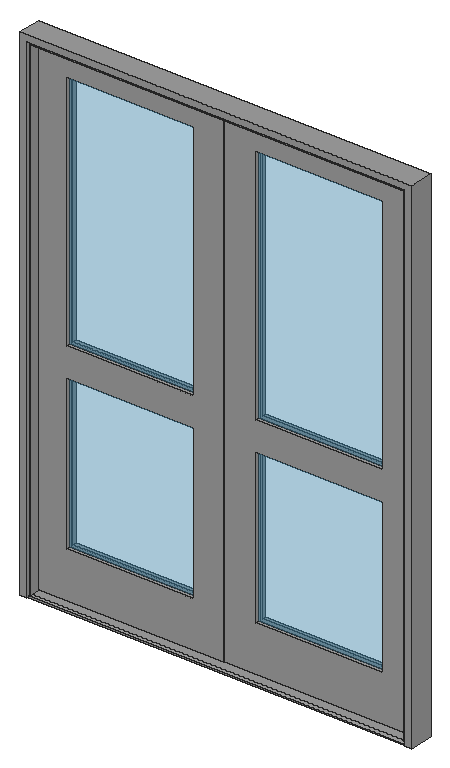
Revit family "WS-500TC DOOR-Double-1-PD-CW_v05", category Curtain Panels, Revit 2015
Parameters
  Width [instance] = 6' - 4"
  URL = "obe.com"
  Rough Width [instance] = 6' - 0"
  Panel Width [instance] = Min Panel Width  # 6' - 0"
  Panel Offset [instance] = 0' - 0"
  Offset [instance] = 0' - 1"
  Model = "WS-500TC DOOR"
  Min Rough Width [instance] = if(Rough Width > 6' 2 1/2", Rough Width, 6' 2 1/2")  # 6' - 2 1/2"
  Min Panel Width [instance] = if(Rough Width > 6' 2 1/2", Rough Width - 0' 2 1/2", 6' 0")  # 6' - 0"
  Manufacturer = "Oldcastle BuildingEnvelope®"
  Keynote = "08 11 00"
  Height [instance] = 8' - 0"
  Pushbar Height [instance] = 3' - 5 1/4"  # constant formula
  Glass Material = Glass
  Frame Material = Aluminum
  Door Panel Height [instance] = Height - 0' 0 21/32"  # 7' - 11 11/32"
  Description = "WS-500TC - 1\" Door Infill"
  Assembly Code = "B2030"
  Analytic Construction = "<None>"
  8 Bottom Rail [instance] = yes
  8 Muntin [instance] = not([4 Muntin])  # no
  4 Muntin [instance] = yes
  10 Bottom Rail [instance] = not([8 Bottom Rail])  # no
Reference planes (in)
  plane 1 "Front": y = 0
  plane 2: z = 0
  plane 3 "Center (Left/Right)": x = 0
  plane 4 "Left": x = -38
  plane 5 "Right": x = 38
  plane 6 "Top": z = 96
  plane 7 "Offset": y = -1
  plane 8: x = -37.25
  plane 9: x = 37.25
Forms (in)
  Sweep 1, solid, material "Aluminum" <- "Frame Material"
    path origin (0, -1, 0) x (-1, 0, 0) y (0, 0, 1)
      loop
        line (-37.25, 96) -> (-37.25, 0)
    profile origin (37.25, -1, 48) x (0, 1, 0) y (-1, 0, 0)
      loop
        line (0, 0) -> (0, 1.25) -> (-2.376, 1.25) -> (-2.376, 1.75) -> (-4.088, 1.75) -> (-4.088, 1.25) -> (-4.50055, 1.25) -> (-4.50055, 0) -> (0, 0)
  Sweep 2, solid, material "Aluminum" <- "Frame Material"
    path origin (0, -1, 0) x (-1, 0, 0) y (0, 0, 1)
      loop
        line (37.25, 96) -> (37.25, 0)
    profile origin (-37.25, -1, 48) x (0, 1, 0) y (-1, 0, 0)
      loop
        line (0, 0) -> (-4.50055, 0) -> (-4.50055, -1.25) -> (-4.088, -1.25) -> (-4.088, -1.75) -> (-2.376, -1.75) -> (-2.376, -1.25) -> (0, -1.25) -> (0, 0)
  Sweep 3, solid, material "Aluminum" <- "Frame Material"
    path origin (0, -1, 0) x (-1, 0, 0) y (0, 0, 1)
      loop
        line (37.25, 96) -> (-37.25, 96)
    profile origin (0, -1, 96) x (0, 0, -1) y (0, 1, 0)
      loop
        line (1.25, 0) -> (0, 0) -> (0, -4.50055) -> (1.25, -4.50055) -> (1.25, -4.088) -> (1.75, -4.088) -> (1.75, -2.376) -> (1.25, -2.376) -> (1.25, 0)
Cuts and joins
  joined: Sweep 1, Sweep 2, Sweep 3
Text (in)
  text "Exterior" at (-54.29358, 31.38743, 0), in view "Ref. Level"
  text "Exterior" at (480, 41.53993, 89.60405), in view "Right"
  text "Exterior" at (-240, 57.82419, 105.78864), in view "Left"
Dimensions and locks (in)
  equal spacing: plane 4 "Left", plane 3 "Center (Left/Right)", plane 5 "Right"
  "Width": plane 4 "Left" to plane 5 "Right"
  "Height": plane 6 "Top" to plane 2
  "Offset": plane 7 "Offset" to plane 1 "Front"
  locked: plane 9 to nested 2 at 1.25
  locked: nested 3 to plane 8 at 1.25
  locked: plane 7 "Offset" to nested 3 at 1.24855
  locked: plane 7 "Offset" to nested 2 at 1.24855
  locked: plane 6 "Top" to nested 4 at 1.25
  locked: plane 7 "Offset" to nested 4 at 1.24855
  equal spacing: plane 8, plane 3 "Center (Left/Right)", plane 9
  "Min Rough Width": plane 8 to plane 9
  locked: nested 1 to plane 7 "Offset" at 0.25
  aligned and locked: level to plane 2
  aligned and locked: plane 3 "Center (Left/Right)" to nested 1
  aligned and locked: plane 2 to Sweep 1 sketch curve
  aligned and locked: plane 6 "Top" to Sweep 1 sketch curve
  aligned and locked: plane 2 to Sweep 2 sketch curve
  aligned and locked: plane 6 "Top" to Sweep 2 sketch curve
  aligned and locked: plane 6 "Top" to Sweep 3 sketch curve
  aligned and locked: plane 8 to Sweep 2 sketch curve
  aligned and locked: Sweep 1 sketch curve to plane 9
  aligned and locked: plane 9 to Sweep 3 sketch curve
  aligned and locked: plane 8 to Sweep 3 sketch curve
Automatic sketch dimensions
  Sweep 2 sketch curve to profile plane = 0' - 0"
  Sweep 2 sketch curve to plane 7 "Offset" = 0' - 0"
  Sweep 2 sketch curve to plane 7 "Offset" = 0' - 2.376"
  Sweep 2 sketch curve to Sweep 2 sketch curve = 0' - 1.712"
  Sweep 2 sketch curve to Sweep 2 sketch curve = 0' - 0.41255"
  profile plane to Sweep 2 sketch curve = 0' - 1 1/4"  (x2)
  Sweep 2 sketch curve to Sweep 2 sketch curve = 0' - 0 1/2"
  Sweep 1 sketch curve to profile plane = 0' - 0"
  Sweep 1 sketch curve to plane 7 "Offset" = 0' - 0"
  Sweep 1 sketch curve to plane 7 "Offset" = 0' - 2.376"
  Sweep 1 sketch curve to Sweep 1 sketch curve = 0' - 1.712"
  Sweep 1 sketch curve to Sweep 1 sketch curve = 0' - 0.41255"
  Sweep 1 sketch curve to profile plane = 0' - 1 1/4"
  Sweep 1 sketch curve to Sweep 1 sketch curve = 0' - 1 1/4"
  Sweep 1 sketch curve to Sweep 1 sketch curve = 0' - 0 1/2"
  Sweep 3 sketch curve to plane 7 "Offset" = 0' - 0"
  Sweep 3 sketch curve to profile plane = 0' - 0"
  Sweep 3 sketch curve to Sweep 3 sketch curve = 0' - 1 1/4"  (x2)
  Sweep 3 sketch curve to Sweep 3 sketch curve = 0' - 0 1/2"
  Sweep 3 sketch curve to Sweep 3 sketch curve = 0' - 2.376"
  Sweep 3 sketch curve to Sweep 3 sketch curve = 0' - 1.712"
  Sweep 3 sketch curve to Sweep 3 sketch curve = 0' - 0.41255"
Nested families (in)
  nested 1: "WS-500TC-DOOR-Double-1-PD-Panel_v05" at (0, -22.125, 0), Frame Material <- "Frame Material", Glass Material <- "Glass Material", Width <- "Min Panel Width", Height <- "Door Panel Height", 4 Muntin <- "4 Muntin", 8 Bottom Rail <- "8 Bottom Rail", Offset <- "Offset", type "WS-500TC-DOOR-Double-1-PD-Panel"
    with Wing Width 3' - 0", built-in parameter 1001301 6' - 0", Pushbar Height 3' - 5 1/4", Offset 0' - 1", built-in parameter 1001300 7' - 11 11/32", Glass at Muntin 0' - 4 9/16", Glass Material Glass, Frame Material Aluminum, Bottom Rail 0' - 8 29/32", 8 Muntin no, 8 Bottom Rail yes, 4 Muntin yes, 10 Bottom Rail no
  nested 2: "EDGE FRAME L" at (38.5, -2.24855, 0) x (-1, 0, 0) z (0, 0, 1), type "EDGE FRAME L"
  nested 3: "EDGE FRAME R" at (-38.5, -2.24855, 0) x (-1, 0, 0) z (0, 0, 1), type "EDGE FRAME R"
  nested 4: "TOP FRAME" at (0, -2.24855, 97.25) x (0, -1, 0) z (1, 0, 0), type "TOP FRAME"
Definition of nested family "WS-500TC-DOOR-Double-1-PD-Panel_v05"
  Parameters (values of type "WS-500TC-DOOR-Double-1-PD-Panel")
    Wing Width [instance] = Width / 2  # 4' - 0"
    Width [instance] = 8' - 0"
    Pushbar Height [instance] = 3' - 5 1/4"  # constant formula
    Offset [instance] = 0' - 1"
    Height [instance] = 8' - 0"
    Glass at Muntin [instance] = if([4 Muntin], 0' 4 9/16", 0' 8 9/16")  # 0' - 4 9/16"
    Glass Material [instance] = none
    Frame Material [instance] = none
    Bottom Rail [instance] = if([10 Bottom Rail], 0' 10 29/32", 0' 8 29/32")  # 0' - 8 29/32"
    Analytic Construction = "<None>"
    8 Muntin [instance] = not([4 Muntin])  # no
    10 Bottom Rail [instance] = not([8 Bottom Rail])  # no
    4 Muntin [instance] = yes
    8 Bottom Rail [instance] = yes
  Reference planes (in)
    plane 1 "00": y = 19.875
    plane 2: z = 0
    plane 3 "Center (Left/Right)": x = 0
    plane 4: z = 96
    plane 5: x = -48
    plane 6: x = 48
    plane 7 "Center (Front/Back)": y = 22
    plane 8 "Exterior": y = 20.375
    plane 9: z = 48
    plane 10: z = 8.90625
    plane 11: z = 43.53125
    plane 12: z = 38.96875
    plane 13: z = 90.94129
    plane 14: z = 0
    plane 15: x = -42.56629
    plane 16: x = 42.56629
    plane 17 "Offset": y = 21
    plane 18: z = 41.25
  Forms (in)
    Sweep 1, solid, material <- "Frame Material"
      path origin (0, 19.875, 0) x (1, 0, 0) y (0, 0, 1)
        loop
          line (-47.74884, 96) -> (-0.09507, 96)
      profile origin (-23.92196, 19.875, 96) x (0, 0, 1) y (0, -1, 0)
        loop
          line (-0.59375, -1.12355) -> (-0.59375, 1.12745) -> (-5.46871, 1.12745) -> (-5.46871, 0.5) -> (-5.05871, 0.5) -> (-5.05871, -0.5) -> (-5.46871, -0.5) -> (-5.46871, -1.12355) -> (-0.59375, -1.12355)
    Sweep 2, solid, material <- "Frame Material"
      path origin (0, 5, 0) x (1, 0, 0) y (0, 0, 1)
        loop
          line (-0.09507, 0) -> (-47.74884, 0)
      profile origin (-23.92196, 5, 0) x (0, 0, -1) y (0, -1, 0)
        loop
          line (-4.93343, -15.99855) -> (-0.68754, -15.99855) -> (-0.68754, -13.74755) -> (-4.93343, -13.74755) -> (-9.4375, -13.74755) -> (-9.4375, -14.375) -> (-8.90625, -14.375) -> (-8.90625, -15.375) -> (-9.4375, -15.375) -> (-9.4375, -15.99855) -> (-4.93343, -15.99855)
    Sweep 3, solid, material <- "Frame Material"
      path origin (0, 19.875, 0) x (1, 0, 0) y (0, 0, 1)
        loop
          line (48, 95.40625) -> (48, 0.68754)
      profile origin (48, 19.875, 48.0469) x (0, -1, 0) y (1, 0, 0)
        loop
          line (1.12745, -5.84371) -> (1.12745, -0.25116) -> (-1.12355, -0.09375) -> (-1.12355, -5.84371) -> (-0.5, -5.84371) -> (-0.5, -5.43371) -> (0.5, -5.43371) -> (0.5, -5.84371) -> (1.12745, -5.84371)
    Sweep 4, solid, material <- "Frame Material"
      path origin (0, 19.875, 0) x (1, 0, 0) y (0, 0, 1)
        loop
          line (-48, 95.40625) -> (-48, 0.68754)
      profile origin (-48, 19.875, 48.0469) x (0, -1, 0) y (1, 0, 0)
        loop
          line (1.12745, 0.25116) -> (1.12745, 5.84371) -> (0.5, 5.84371) -> (0.5, 5.43371) -> (-0.5, 5.43371) -> (-0.5, 5.84371) -> (-1.125, 5.84371) -> (-1.125, 0.09365) -> (1.12745, 0.25116)
    Sweep 5, solid, material <- "Frame Material"
      path origin (0, 19.875, 0) x (1, 0, 0) y (0, 0, 1)
        loop
          line (-0.09507, 48) -> (-47.74884, 48)
      profile origin (-23.92196, 19.875, 48) x (0, 0, -1) y (0, -1, 0)
        loop
          line (3.93679, -0.5) -> (3.93679, -1.12355) -> (9.43671, -1.12355) -> (9.43671, -0.5) -> (9.02671, -0.5) -> (9.02671, 0.5) -> (9.43671, 0.5) -> (9.43671, 1.12745) -> (3.93679, 1.12745) -> (3.93679, 0.5) -> (4.46875, 0.5) -> (4.46875, -0.5) -> (3.93679, -0.5)
    Sweep 6, solid, material <- "Frame Material"
      path origin (0, 19.875, 0) x (1, 0, 0) y (0, 0, 1)
        loop
          line (0, 95.40625) -> (0, 0.68754)
      profile origin (0, 19.875, 48.0469) x (0, -1, 0) y (1, 0, 0)
        loop
          line (-1.12355, -5.8485) -> (-0.5, -5.8485) -> (-0.5, -5.4385) -> (0.5, -5.4385) -> (0.5, -5.8485) -> (1.12745, -5.8485) -> (1.12745, -0.09507) -> (-1.12355, -0.09507) -> (-1.12355, -5.8485)
        loop
          line (1.12778, 5.84371) -> (0.5, 5.84371) -> (0.5, 5.43371) -> (-0.5, 5.43371) -> (-0.5, 5.84371) -> (-1.12356, 5.84371) -> (-1.12356, 0.10106) -> (1.12778, 0.10106) -> (1.12778, 5.84371)
    Sweep 7, solid, material <- "Frame Material"
      path origin (0, 19.875, 0) x (1, 0, 0) y (0, 0, 1)
        loop
          line (0.10106, 96) -> (47.74884, 96)
      profile origin (23.92495, 19.875, 96) x (0, 0, 1) y (0, -1, 0)
        loop
          line (-0.59375, -1.12355) -> (-0.59375, 1.12745) -> (-3.83589, 1.12745) -> (-5.46871, 1.12745) -> (-5.46871, 0.5) -> (-5.05871, 0.5) -> (-5.05871, -0.5) -> (-5.46871, -0.5) -> (-5.46871, -1.12355) -> (-3.83589, -1.12355) -> (-0.59375, -1.12355)
    Sweep 8, solid, material <- "Frame Material"
      path origin (0, 19.875, 0) x (1, 0, 0) y (0, 0, 1)
        loop
          line (47.74883, 48) -> (0.10106, 48)
      profile origin (23.92495, 19.875, 48) x (0, 0, -1) y (0, -1, 0)
        loop
          line (3.93679, -0.5) -> (3.93679, -1.12355) -> (9.43671, -1.12355) -> (9.43671, -0.5) -> (9.02671, -0.5) -> (9.02671, 0.5) -> (9.43671, 0.5) -> (9.43671, 1.12745) -> (3.93679, 1.12745) -> (3.93679, 0.5) -> (4.46875, 0.5) -> (4.46875, -0.5) -> (3.93679, -0.5)
    Sweep 9, solid, material <- "Frame Material"
      path origin (0, 19.875, 0) x (1, 0, 0) y (0, 0, 1)
        loop
          line (47.74884, 0) -> (0.10106, 0)
      profile origin (23.92495, 19.875, 0) x (0, 0, -1) y (0, -1, 0)
        loop
          line (-3.49593, -1.12355) -> (-0.68754, -1.12355) -> (-0.68754, 1.12745) -> (-9.4375, 1.12745) -> (-9.4375, 0.5) -> (-8.90625, 0.5) -> (-8.90625, -0.5) -> (-9.4375, -0.5) -> (-9.4375, -1.12355) -> (-3.49593, -1.12355)
    Extrusion 10, solid, material <- "Glass Material", detail levels coarse
      sketch origin (0, 0, 0) x (1, 0, 0) y (0, 1, 0)
        loop
          line (5.43371, 20.375) -> (5.43371, 19.375) -> (42.56629, 19.375) -> (42.56629, 20.375) -> (5.43371, 20.375)
      from 38.97329 to 8.90625
    Extrusion 11, solid, material <- "Glass Material", detail levels medium+fine
      sketch origin (0, 0, 0) x (1, 0, 0) y (0, 1, 0)
        loop
          line (5.43371, 19.375) -> (42.56629, 19.375) -> (42.56629, 19.623) -> (5.43371, 19.623) -> (5.43371, 19.375)
        loop
          line (42.56629, 20.375) -> (5.43371, 20.375) -> (5.43371, 20.127) -> (42.56629, 20.127) -> (42.56629, 20.375)
      from 8.90625 to 38.97329
    Extrusion 12, solid, material <- "Glass Material", detail levels medium+fine
      sketch origin (0, 0, 0) x (1, 0, 0) y (0, 1, 0)
        loop
          line (5.43371, 20.375) -> (5.43371, 20.127) -> (42.56629, 20.127) -> (42.56629, 20.375) -> (5.43371, 20.375)
        loop
          line (42.56629, 19.375) -> (42.56629, 19.623) -> (5.43371, 19.623) -> (5.43371, 19.375) -> (42.56629, 19.375)
      from 43.53125 to 90.94129
    Extrusion 13, solid, material <- "Glass Material", detail levels coarse
      sketch origin (0, 0, 0) x (1, 0, 0) y (0, 1, 0)
        loop
          line (5.43371, 20.375) -> (5.43371, 19.375) -> (42.56629, 19.375) -> (42.56629, 20.375) -> (5.43371, 20.375)
      from 43.53125 to 90.94129
    Extrusion 14, solid, material <- "Glass Material", detail levels medium+fine
      sketch origin (0, 0, 0) x (1, 0, 0) y (0, 1, 0)
        loop
          line (-42.56629, 19.375) -> (-5.4385, 19.375) -> (-5.4385, 19.623) -> (-42.56629, 19.623) -> (-42.56629, 19.375)
        loop
          line (-5.4385, 20.375) -> (-42.56629, 20.375) -> (-42.56629, 20.127) -> (-5.4385, 20.127) -> (-5.4385, 20.375)
      from 8.90625 to 38.97329
    Extrusion 15, solid, material <- "Glass Material", detail levels coarse
      sketch origin (0, 0, 0) x (1, 0, 0) y (0, 1, 0)
        loop
          line (-42.56629, 19.375) -> (-5.4385, 19.375) -> (-5.4385, 20.375) -> (-42.56629, 20.375) -> (-42.56629, 19.375)
      from 43.53125 to 90.94129
    Extrusion 16, solid, material <- "Glass Material", detail levels coarse
      sketch origin (0, 0, 0) x (1, 0, 0) y (0, 1, 0)
        loop
          line (-42.56629, 19.375) -> (-5.4385, 19.375) -> (-5.4385, 20.375) -> (-42.56629, 20.375) -> (-42.56629, 19.375)
      from 8.90625 to 38.97329
    Extrusion 17, solid, material <- "Glass Material", detail levels medium+fine
      sketch origin (0, 0, 0) x (1, 0, 0) y (0, 1, 0)
        loop
          line (-42.56629, 20.127) -> (-5.4385, 20.127) -> (-5.4385, 20.375) -> (-42.56629, 20.375) -> (-42.56629, 20.127)
        loop
          line (-42.56629, 19.375) -> (-5.4385, 19.375) -> (-5.4385, 19.623) -> (-42.56629, 19.623) -> (-42.56629, 19.375)
      from 43.53125 to 90.94129
    Sweep 18, solid, material <- "Frame Material"
      path origin (0, 21, 0) x (1, 0, 0) y (0, 0, 1)
        loop
          line (47.74884, 0) -> (-47.74884, 0)
      profile origin (0, 21, 0) x (0, 0, -1) y (0, -1, 0)
        loop
          line (-0.49954, 3.75746) -> (-0.49954, 0.25744) -> (-0.24955, -0.24255) -> (0, -0.24255) -> (0, 4.25745) -> (-0.24955, 4.25745) -> (-0.49954, 3.75746)
  Cuts and joins
    joined: Sweep 1, Sweep 2, Sweep 3, Sweep 4, Sweep 5, Sweep 6, Sweep 7, Sweep 8, Sweep 9
  Lines and regions (in)
    model lines
      curve 1: line (5.84371, 20.375, 90.53129) -> (42.15629, 20.375, 48)
      curve 2: line (42.15629, 20.375, 48) -> (5.84371, 20.375, 9.4375)
      curve 3: line (-5.8485, 20.375, 90.54626) -> (-42.15629, 20.375, 48)
      curve 4: line (-42.15629, 20.375, 48) -> (-5.8485, 20.375, 9.4375)
  Dimensions and locks (in)
    "Height": plane 4 to level
    "Offset": plane 17 "Offset" to plane 7 "Center (Front/Back)"
    plane 1 "00" to plane 8 "Exterior" to plane 17 "Offset" = 0' - 0 1/2", 0' - 0 5/8"
    equal spacing: level, plane 9, plane 4
    locked: plane 3 "Center (Left/Right)" to Sweep 2 sketch curve at 0.09507
    locked: plane 3 "Center (Left/Right)" to Sweep 5 sketch curve at 0.09507
    plane 12 to Sweep 8 sketch curve = 0' - 0.40546"
    locked: Extrusion 10 to Sweep 8 sketch curve at 0.41
    Sweep 8 sketch curve to plane 11 = 0' - 0.53196"  (x2)
    locked: Sweep 9 sketch curve to plane 10 at 0.53125  (x2)
    locked: Sweep 2 sketch curve to plane 10 at 0.53125  (x2)
    locked: Sweep 5 sketch curve to plane 11 at 0.53196  (x2)
    locked: plane 12 to Sweep 5 sketch curve at 0.40546
    locked: Extrusion 16 to Sweep 5 sketch curve at 0.41
    equal spacing: plane 4, plane 9, plane 14
    locked: plane 4 to plane 13 at 5.05871
    Extrusion 14 sketch curve to Extrusion 14 sketch curve to plane 1 "00" to Extrusion 14 sketch curve to Extrusion 14 sketch curve = 0' - 0.248" locked, 0' - 0.252" locked, 0' - 0.252" locked, 0' - 0.248" locked
    Extrusion 16 sketch curve to plane 1 "00" to Extrusion 16 sketch curve = 0' - 0 1/2" locked, 0' - 0 1/2" locked
    Extrusion 17 sketch curve to Extrusion 17 sketch curve to plane 1 "00" to Extrusion 17 sketch curve to Extrusion 17 sketch curve = 0' - 0.248" locked, 0' - 0.252" locked, 0' - 0.252" locked, 0' - 0.248" locked
    Extrusion 15 sketch curve to plane 1 "00" to Extrusion 15 sketch curve = 0' - 0 1/2", 0' - 0 1/2"
    Extrusion 13 sketch curve to plane 1 "00" to Extrusion 13 sketch curve = 0' - 0 1/2" locked, 0' - 0 1/2" locked
    Extrusion 12 sketch curve to Extrusion 12 sketch curve to plane 1 "00" to Extrusion 12 sketch curve to Extrusion 12 sketch curve = 0' - 0.248" locked, 0' - 0.252" locked, 0' - 0.252" locked, 0' - 0.248" locked
    Extrusion 11 sketch curve to Extrusion 11 sketch curve to plane 1 "00" to Extrusion 11 sketch curve to Extrusion 11 sketch curve = 0' - 0.248" locked, 0' - 0.252" locked, 0' - 0.252" locked, 0' - 0.248" locked
    Extrusion 10 sketch curve to plane 1 "00" to Extrusion 10 sketch curve = 0' - 0 1/2" locked, 0' - 0 1/2" locked
    "Bottom Rail": plane 10 to plane 14
    "Glass at Muntin": plane 11 to plane 12
    locked: Extrusion 14 sketch curve to nested 1 at 5.4385
    locked: Extrusion 14 sketch curve to plane 3 "Center (Left/Right)" at 5.4385
    equal spacing: plane 5, plane 3 "Center (Left/Right)", plane 6
    "Width": plane 5 to plane 6
    locked: plane 16 to plane 6 at 5.43371
    locked: plane 5 to plane 15 at 5.43371
    locked: Sweep 2 sketch curve to plane 5 at 0.25116
    locked: Sweep 5 sketch curve to plane 5 at 0.25116
    equal spacing: plane 11, plane 18, plane 12
    "Pushbar Height": plane 18 to plane 14
    aligned and locked: plane 2 to level
    aligned and locked: plane 1 "00" to nested 1
    aligned and locked: plane 3 "Center (Left/Right)" to nested 1
    aligned and locked: Sweep 1 sketch curve to plane 4
    aligned and locked: Sweep 2 sketch curve to level
    aligned and locked: level to nested 2
    aligned and locked: nested 2 to plane 1 "00"
    aligned and locked: Sweep 5 sketch curve to plane 9
    aligned and locked: plane 3 "Center (Left/Right)" to Sweep 6 sketch curve
    aligned and locked: Sweep 9 sketch curve to level
    aligned and locked: Sweep 8 sketch curve to plane 9
    aligned and locked: plane 4 to Sweep 7 sketch curve
    aligned and locked: Sweep 8 sketch curve to plane 11
    aligned and locked: Extrusion 14 to plane 10
    aligned and locked: Extrusion 15 to plane 11
    aligned and locked: plane 13 to Extrusion 15
    aligned and locked: Extrusion 17 to plane 11
    aligned and locked: plane 13 to Extrusion 17
    aligned and locked: Extrusion 16 to plane 10
    aligned and locked: Extrusion 12 to plane 11
    aligned and locked: plane 13 to Extrusion 12
    aligned and locked: plane 13 to Extrusion 13
    aligned and locked: Extrusion 13 to plane 11
    aligned and locked: Extrusion 11 to plane 10
    aligned and locked: Extrusion 10 to plane 10
    aligned and locked: Sweep 7 sketch curve to plane 13
    aligned and locked: plane 11 to Sweep 5 sketch curve
    aligned and locked: plane 10 to Sweep 2 sketch curve
    aligned and locked: Sweep 1 sketch curve to plane 13
    aligned and locked: plane 9 to curve 4
    aligned and locked: Sweep 3 sketch curve to plane 6
    aligned and locked: Extrusion 14 to plane 15  (x2)
    aligned and locked: Sweep 4 sketch curve to plane 5
    aligned and locked: Sweep 18 sketch curve to plane 14
    aligned and locked: Sweep 3 sketch curve to nested 1  (x2)
    aligned and locked: Sweep 3 sketch curve to Sweep 3 sketch curve
    aligned and locked: Sweep 4 sketch curve to nested 1  (x4)
    aligned and locked: Sweep 4 sketch curve to Sweep 4 sketch curve
    aligned and locked: Sweep 4 sketch curve to plane 17 "Offset"
    aligned and locked: Sweep 18 sketch curve to cut or joined group of Sweep 1, Sweep 2, Sweep 3, Sweep 4, Sweep 5, Sweep 6, Sweep 7, Sweep 8, Sweep 9  (x2)
    aligned and locked: Sweep 4 sketch curve to cut or joined group of Sweep 1, Sweep 2, Sweep 3, Sweep 4, Sweep 5, Sweep 6, Sweep 7, Sweep 8, Sweep 9
    aligned and locked: cut or joined group of Sweep 1, Sweep 2, Sweep 3, Sweep 4, Sweep 5, Sweep 6, Sweep 7, Sweep 8, Sweep 9 to Sweep 4 sketch curve
    aligned and locked: cut or joined group of Sweep 1, Sweep 2, Sweep 3, Sweep 4, Sweep 5, Sweep 6, Sweep 7, Sweep 8, Sweep 9 to Sweep 3 sketch curve  (x2)
    aligned and locked: Extrusion 11 sketch curve to Extrusion 11 sketch curve  (x2)
    aligned and locked: Extrusion 11 sketch curve to nested 1  (x2)
    aligned and locked: Extrusion 10 sketch curve to nested 1  (x2)
    aligned and locked: Extrusion 13 sketch curve to nested 1
    aligned and locked: Extrusion 12 sketch curve to Extrusion 12 sketch curve  (x2)
    aligned and locked: nested 1 to Extrusion 12 sketch curve
    aligned and locked: Extrusion 12 sketch curve to nested 1
    aligned and locked: Extrusion 17 sketch curve to Extrusion 17 sketch curve  (x2)
    aligned and locked: Extrusion 17 sketch curve to nested 1  (x2)
    aligned and locked: Extrusion 15 sketch curve to nested 1  (x2)
    aligned and locked: Extrusion 16 sketch curve to nested 1  (x2)
    aligned and locked: Extrusion 16 to nested 2
    aligned and locked: Extrusion 14 to nested 2
    aligned and locked: Extrusion 11 to nested 2
    aligned and locked: Extrusion 10 to nested 2
  Automatic sketch dimensions
    Sweep 5 sketch curve to plane 1 "00" = 0' - 1.12355"
    Sweep 5 sketch curve to plane 1 "00" = 0' - 0 1/2"  (x2)
    plane 1 "00" to Sweep 5 sketch curve = 0' - 0 1/2"  (x2)
    Sweep 5 sketch curve to Sweep 5 sketch curve = 0' - 0.62745"
    Sweep 2 sketch curve to plane 1 "00" = 0' - 1.12355"
    Sweep 2 sketch curve to Sweep 2 sketch curve = 0' - 3.97282"
    Sweep 2 sketch curve to Sweep 2 sketch curve = 0' - 0"
    profile plane to Sweep 2 sketch curve = 0' - 0.68754"
    Sweep 2 sketch curve to plane 1 "00" = 0' - 0 1/2"
    plane 1 "00" to Sweep 2 sketch curve = 0' - 0 1/2"
    plane 1 "00" to Sweep 2 sketch curve = 0' - 1.12745"
    Sweep 1 sketch curve to plane 1 "00" = 0' - 0 1/2"
    Sweep 1 sketch curve to Sweep 1 sketch curve = 0' - 0"
    Sweep 1 sketch curve to Sweep 1 sketch curve = 0' - 0.41"
    profile plane to Sweep 1 sketch curve = 0' - 0 19/32"
    Sweep 1 sketch curve to plane 1 "00" = 0' - 1.12355"
    plane 1 "00" to Sweep 1 sketch curve = 0' - 0 1/2"
    plane 1 "00" to Sweep 1 sketch curve = 0' - 1.12745"
    Sweep 9 sketch curve to Sweep 9 sketch curve = 0' - 0 17/32"
    Sweep 9 sketch curve to plane 1 "00" = 0' - 1.12355"
    Sweep 9 sketch curve to Sweep 9 sketch curve = 0' - 2.80839"
    Sweep 9 sketch curve to plane 1 "00" = 0' - 0 1/2"
    plane 1 "00" to Sweep 9 sketch curve = 0' - 0 1/2"
    Sweep 9 sketch curve to Sweep 9 sketch curve = 0' - 0.62745"
    Sweep 7 sketch curve to Sweep 7 sketch curve = 0' - 0.41"  (x2)
    Sweep 7 sketch curve to Sweep 7 sketch curve = 0' - 1.22282"  (x2)
    profile plane to Sweep 7 sketch curve = 0' - 0 19/32"
    Sweep 7 sketch curve to plane 1 "00" = 0' - 1.12355"
    Sweep 7 sketch curve to plane 1 "00" = 0' - 0 1/2"
    plane 1 "00" to Sweep 7 sketch curve = 0' - 0 1/2"
    plane 1 "00" to Sweep 7 sketch curve = 0' - 1.12745"
    Sweep 8 sketch curve to plane 1 "00" = 0' - 1.12355"
    Sweep 8 sketch curve to plane 1 "00" = 0' - 0 1/2"  (x2)
    plane 1 "00" to Sweep 8 sketch curve = 0' - 0 1/2"  (x2)
    Sweep 8 sketch curve to Sweep 8 sketch curve = 0' - 0.62745"
    plane 5 to Extrusion 14 sketch curve = 0' - 5.43371"
    Extrusion 14 sketch curve to Extrusion 14 sketch curve = 0' - 0"
    Sweep 6 sketch curve to plane 1 "00" = 0' - 0 1/2"  (x2)
    Sweep 6 sketch curve to Sweep 6 sketch curve = 0' - 0.62355"
    plane 1 "00" to Sweep 6 sketch curve = 0' - 0 1/2"  (x2)
    Sweep 6 sketch curve to Sweep 6 sketch curve = 0' - 0.62745"
    Sweep 6 sketch curve to Sweep 6 sketch curve = 0' - 0.62778"
    profile plane to Sweep 6 sketch curve = 0' - 5.8485"
    Sweep 6 sketch curve to Sweep 6 sketch curve = 0' - 0"  (x2)
    Sweep 6 sketch curve to Sweep 6 sketch curve = 0' - 0.41"  (x3)
    Sweep 6 sketch curve to profile plane = 0' - 5.43371"
    Sweep 6 sketch curve to profile plane = 0' - 0.10106"
    profile plane to Sweep 6 sketch curve = 0' - 0.09507"
    curve 2 to plane 9 = 0' - 0"
    plane 15 to curve 4 = 0' - 0.41"
    curve 3 to plane 13 = 0' - 0.39503"
    curve 3 to plane 3 "Center (Left/Right)" = 0' - 5.8485"
    plane 10 to curve 4 = 0' - 0 17/32"
    curve 4 to plane 3 "Center (Left/Right)" = 0' - 5.8485"
    plane 10 to curve 2 = 0' - 0 17/32"
    plane 3 "Center (Left/Right)" to curve 2 = 0' - 5.84371"
    curve 1 to plane 13 = 0' - 0.41"
    plane 3 "Center (Left/Right)" to curve 1 = 0' - 5.84371"
    curve 2 to plane 16 = 0' - 0.41"
    profile plane to Sweep 9 sketch curve = 0' - 3.49593"
    profile plane to Sweep 18 sketch curve = 0' - 0.49954"
    plane 17 "Offset" to Sweep 18 sketch curve = 0' - 3.75746"
    profile plane to Sweep 18 sketch curve = 0' - 0.24955"  (x2)
    plane 17 "Offset" to Sweep 18 sketch curve = 0' - 0.25744"
    Sweep 18 sketch curve to Sweep 18 sketch curve = 0' - 0 1/2"
    Sweep 18 sketch curve to plane 17 "Offset" = 0' - 0.24255"
    Sweep 18 sketch curve to profile plane = 0' - 0"
    Sweep 3 sketch curve to plane 1 "00" = 0' - 1.12355"
    Sweep 3 sketch curve to plane 1 "00" = 0' - 0 1/2"
    plane 1 "00" to Sweep 3 sketch curve = 0' - 0 1/2"
    Sweep 3 sketch curve to Sweep 3 sketch curve = 0' - 0.62745"
    profile plane to Sweep 3 sketch curve = 0' - 0 3/32"
    profile plane to Sweep 3 sketch curve = 0' - 0.25116"
    plane 1 "00" to Sweep 4 sketch curve = 0' - 0 1/2"
    Sweep 4 sketch curve to plane 1 "00" = 0' - 0 1/2"
    plane 3 "Center (Left/Right)" to Sweep 9 sketch curve = 0' - 0.10106"
    Sweep 9 sketch curve to plane 6 = 0' - 0.25116"
    plane 3 "Center (Left/Right)" to Sweep 8 sketch curve = 0' - 0.10106"
    Sweep 8 sketch curve to plane 6 = 0' - 0.25117"
    plane 3 "Center (Left/Right)" to Sweep 7 sketch curve = 0' - 0.10106"
    Sweep 7 sketch curve to plane 6 = 0' - 0.25116"
    plane 5 to Sweep 1 sketch curve = 0' - 0.25116"
    Sweep 1 sketch curve to plane 3 "Center (Left/Right)" = 0' - 0.09507"
    level to Sweep 6 sketch curve = 0' - 0.68754"
    Sweep 6 sketch curve to plane 4 = 0' - 0 19/32"
    plane 3 "Center (Left/Right)" to Extrusion 13 sketch curve = 0' - 5.43371"
    Sweep 5 sketch curve to Sweep 5 sketch curve = 0' - 0.41"
    Sweep 8 sketch curve to Sweep 8 sketch curve = 0' - 0.41"
  Nested families (in)
    nested 1: "WS-500TC-DOOR-Double-1-PD-Plan View_v02" at (-24, 19.875, 0), Wing Width <- "Wing Width", Width <- "Width", type "WS-500TC-DOOR-Double-1-PD-Plan View_v02"
      with Wing Width 4' - 0", Width 8' - 0"
    nested 2: "WS-500TC-DOOR-Double-1-PD-Section_v02" at (0, 19.875, 0) x (0, -1, 0) z (1, 0, 0), Height <- "Height", 4 Muntin <- "4 Muntin", 8 Muntin <- "8 Muntin", 8 Bottom Rail <- "8 Bottom Rail", type "WS-500TC-DOOR-Double-1-PD-Section_v02"
      with Pushbar Height 3' - 5 1/4", Height 8' - 0", Glass at Muntins 0' - 4 9/16", Bottom Rail 0' - 8 29/32", 8 Muntin no, 8 Bottom Rail yes, 4 Muntin yes, 10 Bottom Rail no
  Definition of nested family "WS-500TC-DOOR-Double-1-PD-Plan View_v02"
    Parameters (values of type "WS-500 DOOR-Double-1-Plan View")
      Wing Width [instance] = Width / 2  # 3' - 0"
      Width [instance] = 6' - 0"
    Types (2): name
      WS-500 DOOR-Double-1-Plan View
      WS-500TC-DOOR-Double-1-PD-Plan View_v02
    Reference planes (in)
      plane 1 "Center (Front/Back)": y = 0
      plane 2: z = 0
      plane 3 "Center (Left/Right)": x = 24
      plane 4: x = -12
      plane 5: x = -10.5
      plane 6: x = 58.4885
      plane 7: x = 60
      plane 8: y = 37.5
      plane 9: x = 59.90625
      plane 10: y = 1.5
    Lines and regions (in)
      detail lines, in view "Ref. Level", not visible
        curve 1: line (-6.56604, 0.5, 0) -> (18.5615, 0.5, 0)
        curve 2: line (-6.56604, 0.252, 0) -> (18.5615, 0.252, 0)
        curve 3: line (-6.56604, -0.252, 0) -> (18.5615, -0.252, 0)
        curve 4: line (-6.56604, -0.5, 0) -> (18.5615, -0.5, 0)
        curve 5: line (29.43371, 0.50091, 0) -> (54.55454, 0.49994, 0)
        curve 6: line (29.43371, 0.25291, 0) -> (54.55454, 0.25194, 0)
        curve 7: line (29.43371, -0.25109, 0) -> (54.55454, -0.25206, 0)
        curve 8: line (29.43371, -0.49909, 0) -> (54.55454, -0.50006, 0)
      detail lines, in view "Ref. Level"
        curve 9: line (-11, 6.83996, 0) -> (-11, 31.96969, 0)
        curve 10: line (-10.938, 6.83996, 0) -> (-10.938, 31.96969, 0)
        curve 11: line (-10.876, 6.83996, 0) -> (-10.876, 31.96969, 0)
        curve 12: line (-10.814, 6.83996, 0) -> (-10.814, 31.96969, 0)
        curve 13: line (-10.752, 6.83996, 0) -> (-10.752, 31.96969, 0)
        curve 14: line (-10.248, 6.83996, 0) -> (-10.248, 31.96969, 0)
        curve 15: line (-10.186, 6.83996, 0) -> (-10.186, 31.96969, 0)
        curve 16: line (-10.124, 6.83996, 0) -> (-10.124, 31.96969, 0)
        curve 17: line (-10.062, 6.83996, 0) -> (-10.062, 31.96969, 0)
        curve 18: line (-10, 6.83996, 0) -> (-10, 31.96969, 0)
        curve 19: line (57.9885, 6.83996, 0) -> (57.9885, 31.96923, 0)
        curve 20: line (58.0505, 6.83996, 0) -> (58.0505, 31.96923, 0)
        curve 21: line (58.1125, 6.83996, 0) -> (58.1125, 31.96923, 0)
        curve 22: line (58.1745, 6.83996, 0) -> (58.1745, 31.96923, 0)
        curve 23: line (58.2365, 6.83996, 0) -> (58.2365, 31.96923, 0)
        curve 24: line (58.7405, 6.83996, 0) -> (58.7405, 31.96923, 0)
        curve 25: line (58.8025, 6.83996, 0) -> (58.8025, 31.96923, 0)
        curve 26: line (58.8645, 6.83996, 0) -> (58.8645, 31.96923, 0)
        curve 27: line (58.9265, 6.83996, 0) -> (58.9265, 31.96923, 0)
        curve 28: line (58.9885, 6.83996, 0) -> (58.9885, 31.96923, 0)
        curve 29: arc (58.4885, 37.31301, 0) -> (33.55221, 25.79088, 0) -> (24.09659, 0, 0) r 35.84106
        curve 30: arc (-10.4885, 37.31301, 0) -> (14.44779, 25.79088, 0) -> (23.90341, 0, 0) r 35.84106
    Dimensions and locks (in)
      nested 1 to plane 4 to plane 5 = 0' - 2.50025" locked, 0' - 1 1/2" locked
      plane 6 to plane 7 to nested 2 = 0' - 1.5115" locked, 0' - 2.50025" locked
      equal spacing: plane 4, plane 3 "Center (Left/Right)", plane 7
      "Width": plane 4 to plane 7
      locked: nested 5 to plane 1 "Center (Front/Back)" at 1.094
      locked: plane 1 "Center (Front/Back)" to nested 6 at 1.094
      locked: plane 1 "Center (Front/Back)" to plane 10 at 1.5
      locked: plane 9 to plane 7 at 0.09375
      "Wing Width": plane 10 to plane 8
      locked: nested 4 to plane 8 at 0.09227
      locked: nested 3 to plane 8 at 0.09181
      aligned and locked: plane 1 "Center (Front/Back)" to nested 1
      aligned and locked: nested 2 to plane 1 "Center (Front/Back)"
      aligned and locked: nested 7 to plane 3 "Center (Left/Right)"
      aligned and locked: nested 8 to plane 3 "Center (Left/Right)"
      aligned and locked: plane 5 to nested 3
      aligned and locked: nested 5 to plane 5
      aligned and locked: nested 4 to plane 6
      aligned and locked: plane 10 to nested 6
      aligned and locked: plane 9 to nested 2  (x2)
      aligned and locked: plane 6 to nested 6
      aligned and locked: plane 10 to nested 5
    Automatic sketch dimensions
      plane 10 to curve 30 = 0' - 0"
      plane 1 "Center (Front/Back)" to curve 30 = 0' - 0"
      plane 1 "Center (Front/Back)" to curve 29 = 0' - 0"
      curve 29 to plane 6 = 0' - 0"
      curve 29 to plane 9 = 0' - 0"
      plane 10 to curve 29 = 0' - 0"
      plane 4 to curve 30 = 0' - 0 3/32"
      curve 23 to plane 6 = 0' - 0.252"
      curve 22 to curve 23 = 0' - 0.062"
      curve 21 to curve 22 = 0' - 0.062"
      curve 20 to curve 21 = 0' - 0.062"
      curve 19 to curve 20 = 0' - 0.062"
      plane 1 "Center (Front/Back)" to curve 8 = 0' - 0.50006"
      curve 8 to plane 6 = 0' - 3.93396"
      curve 6 to plane 1 "Center (Front/Back)" = 0' - 0.25194"
      curve 6 to curve 8 = 0' - 0"
      curve 5 to curve 6 = 0' - 0"  (x2)
      curve 7 to curve 8 = 0' - 0"
      curve 6 to plane 1 "Center (Front/Back)" = 0' - 0.25291"
      plane 3 "Center (Left/Right)" to curve 6 = 0' - 5.43371"
      plane 1 "Center (Front/Back)" to curve 7 = 0' - 0.25109"
      curve 7 to curve 6 = 0' - 0"
      curve 8 to curve 7 = 0' - 0"
      plane 3 "Center (Left/Right)" to curve 29 = 0' - 0.09659"
      curve 30 to plane 3 "Center (Left/Right)" = 0' - 0.09659"
      plane 1 "Center (Front/Back)" to curve 4 = 0' - 0 1/2"
      curve 4 to curve 30 = 0' - 5.34191"
      curve 3 to curve 4 = 0' - 0"  (x2)
      curve 1 to curve 3 = 0' - 0"
      curve 2 to curve 1 = 0' - 0"  (x2)
      curve 1 to plane 1 "Center (Front/Back)" = 0' - 0 1/2"
      curve 1 to plane 5 = 0' - 3.93396"
      curve 4 to curve 1 = 0' - 0"
      curve 18 to plane 5 = 0' - 0 1/2"
      curve 17 to curve 18 = 0' - 0.062"
      curve 16 to curve 17 = 0' - 0.062"
      curve 15 to curve 16 = 0' - 0.062"
      curve 14 to curve 15 = 0' - 0.062"
      curve 30 to plane 5 = 0' - 0.0115"
      plane 5 to curve 13 = 0' - 0.252"
      curve 12 to curve 13 = 0' - 0.062"
      curve 11 to curve 12 = 0' - 0.062"
      curve 10 to curve 11 = 0' - 0.062"
      curve 9 to curve 10 = 0' - 0.062"
      plane 6 to curve 24 = 0' - 0.252"
      curve 24 to curve 25 = 0' - 0.062"
      curve 25 to curve 26 = 0' - 0.062"
      curve 26 to curve 27 = 0' - 0.062"
      curve 27 to curve 28 = 0' - 0.062"
      curve 4 to curve 3 = 0' - 0.248"
      curve 8 to curve 7 = 0' - 0.248"  (x2)
      curve 2 to curve 1 = 0' - 0.248"
      curve 6 to curve 5 = 0' - 0.248"  (x2)
      curve 11 to plane 10 = 0' - 5.33996"
      curve 10 to curve 11 = 0' - 0"  (x2)
      curve 11 to curve 12 = 0' - 0"  (x2)
      curve 28 to plane 10 = 0' - 5.33996"
      curve 12 to curve 13 = 0' - 0"  (x2)
      curve 27 to curve 28 = 0' - 0"  (x2)
      curve 13 to curve 14 = 0' - 0"  (x2)
      curve 26 to curve 27 = 0' - 0"
      curve 14 to curve 15 = 0' - 0"  (x2)
      curve 25 to curve 26 = 0' - 0"  (x2)
      curve 15 to curve 16 = 0' - 0"
      curve 9 to curve 10 = 0' - 0"  (x2)
      curve 16 to curve 17 = 0' - 0"  (x2)
      curve 24 to curve 25 = 0' - 0"  (x2)
      curve 17 to curve 18 = 0' - 0"  (x2)
      curve 23 to curve 24 = 0' - 0"
      curve 19 to curve 23 = 0' - 0"
      curve 22 to curve 23 = 0' - 0"  (x2)
      curve 19 to curve 20 = 0' - 0"
      curve 21 to curve 22 = 0' - 0"  (x2)
      curve 25 to curve 29 = 0' - 5.34378"
      curve 21 to curve 25 = 0' - 0"
      curve 19 to curve 21 = 0' - 0"
      curve 25 to curve 28 = 0' - 0"
      curve 20 to curve 21 = 0' - 0"
      curve 14 to curve 30 = 0' - 5.34333"
      curve 15 to curve 17 = 0' - 0"
    Nested families (in)
      nested 1: "HINGE-PD-DI" at (-14.50025, 0, 0), type "HINGE-PD-DI", in view "Ref. Level", not visible
      nested 2: "HINGE-PD-DI" at (62.50025, 0, 0) x (-1, 0, 0) z (0, 0, 1), type "HINGE-PD-DI", in view "Ref. Level", not visible
      nested 3: "M STILE-R-DI" at (-10.5, 37.40819, 0) x (0, -1, 0) z (0, 0, 1), type "M STILE R-DI", in view "Ref. Level"
      nested 4: "M STILE-R-DI" at (58.4885, 37.40773, 0) x (0, -1, 0) z (0, 0, 1), type "M STILE R-DI", in view "Ref. Level"
      nested 5: "HINGE-PD-DI" at (-10.5, -1.094, 0) x (0, 1, 0) z (0, 0, 1), type "HINGE-PD-DI", in view "Ref. Level"
      nested 6: "HINGE-PD-DI" at (58.4885, -1.094, 0) x (0, 1, 0) z (0, 0, 1), type "HINGE-PD-DI", in view "Ref. Level"
      nested 7: "M STILE-L-DI" at (24, 0, 0) x (-1, 0, 0) z (0, 0, 1), type "M STILE L-DI", in view "Ref. Level", not visible
      nested 8: "M STILE-R-DI" at (24, 0, 0) x (-1, 0, 0) z (0, 0, 1), type "M STILE R-DI", in view "Ref. Level", not visible
    Definition of nested family "HINGE-PD-DI"
      Reference planes (in)
        plane 1 "Center (Front/Back)": y = 0
        plane 2: z = 0
        plane 3 "Center (Left/Right)": x = 0
      Lines and regions (in)
        detail lines, in view "Ref. Level"
          curve 1: line (2.75141, 1.12745, 0) -> (2.594, -1.12355, 0)
          curve 2: line (2.594, -1.12355, 0) -> (8.34396, -1.12355, 0)
          curve 3: line (8.34396, -1.12355, 0) -> (8.34396, -0.5, 0)
          curve 4: line (8.34396, -0.5, 0) -> (7.93396, -0.5, 0)
          curve 5: line (7.93396, -0.5, 0) -> (7.93396, 0.5, 0)
          curve 6: line (7.93396, 0.5, 0) -> (8.34396, 0.5, 0)
          curve 7: line (8.34396, 0.5, 0) -> (8.34396, 1.12745, 0)
          curve 8: line (8.34396, 1.12745, 0) -> (2.75141, 1.12745, 0)
    Definition of nested family "M STILE-R-DI"
      Reference planes (in)
        plane 1 "Center (Front/Back)": y = 0
        plane 2: z = 0
        plane 3 "Center (Left/Right)": x = 0
      Lines and regions (in)
        detail lines, in view "Ref. Level"
          curve 1: line (5.8485, 0.5, 0) -> (5.8485, 1.12745, 0)
          curve 2: line (5.8485, 1.12745, 0) -> (0.33147, 1.12745, 0)
          curve 3: line (5.8485, 0.5, 0) -> (5.4385, 0.5, 0)
          curve 4: line (5.4385, 0.5, 0) -> (5.4385, -0.5, 0)
          curve 5: line (5.4385, -0.5, 0) -> (5.8485, -0.5, 0)
          curve 6: line (5.8485, -0.5, 0) -> (5.8485, -1.12355, 0)
          curve 7: line (5.8485, -1.12355, 0) -> (0.19898, -1.12355, 0)
          curve 8: arc (0.19003, 0.84797, 0) -> (0.09374, -0.13824, 0) -> (0.19898, -1.12355, 0) r 4.87198
          curve 9: arc (0.33147, 1.12745, 0) -> (0.26703, 1.10189, 0) -> (0.23764, 1.03911, 0) r 0.094
    Definition of nested family "M STILE-L-DI"
      Reference planes (in)
        plane 1 "Center (Front/Back)": y = 0
        plane 2: z = 0
        plane 3 "Center (Left/Right)": x = 0
      Lines and regions (in)
        detail lines, in view "Ref. Level"
          curve 1: line (-5.84371, 1.12837, 0) -> (-0.20467, 1.12837, 0)
          curve 2: line (-5.84371, 0.50091, 0) -> (-5.84371, 1.12837, 0)
          curve 3: line (-5.43371, 0.50091, 0) -> (-5.84371, 0.50091, 0)
          curve 4: line (-5.43371, 0.50091, 0) -> (-5.43371, -0.49909, 0)
          curve 5: line (-5.43371, -0.49909, 0) -> (-5.84371, -0.49909, 0)
          curve 6: line (-5.84371, -0.49909, 0) -> (-5.84371, -1.12263, 0)
          curve 7: line (-5.84371, -1.12263, 0) -> (-0.19442, -1.12263, 0)
          curve 8: arc (-0.19442, -1.12263, 0) -> (-0.11068, -0.32755, 0) -> (-0.09704, 0.47182, 0) r 9.1
          curve 9: line (-0.10863, 1.00337, 0) -> (-0.09704, 0.47182, 0)
          curve 10: arc (-0.11084, 1.04002, 0) -> (-0.14024, 1.10281, 0) -> (-0.20467, 1.12837, 0) r 0.094
          curve 11: line (-5.84371, 1.12837, 0) -> (-0.20467, 1.12837, 0)
          curve 12: arc (-0.20467, 1.12837, 0) -> (-0.14024, 1.10281, 0) -> (-0.11084, 1.04002, 0) r 0.094
          curve 13: line (-0.11084, 1.04002, 0) -> (-0.10863, 1.00337, 0)
          curve 14: line (-0.10863, 1.00337, 0) -> (-0.09704, 0.47182, 0)
          curve 15: arc (-0.09704, 0.47182, 0) -> (-0.11068, -0.32755, 0) -> (-0.19442, -1.12263, 0) r 9.1
          curve 16: line (-0.19442, -1.12263, 0) -> (-5.84371, -1.12263, 0)
          curve 17: line (-5.84371, -1.12263, 0) -> (-5.84371, -0.49909, 0)
          curve 18: line (-5.84371, -0.49909, 0) -> (-5.43371, -0.49909, 0)
          curve 19: line (-5.43371, -0.49909, 0) -> (-5.43371, 0.50091, 0)
          curve 20: line (-5.43371, 0.50091, 0) -> (-5.84371, 0.50091, 0)
          curve 21: line (-5.84371, 0.50091, 0) -> (-5.84371, 1.12837, 0)
  Definition of nested family "WS-500TC-DOOR-Double-1-PD-Section_v02"
    Parameters (values of type "WS-500TC-DOOR-Double-1-PD-Section_v02")
      Pushbar Height [instance] = 3' - 5 1/4"  # constant formula
      Height [instance] = 8' - 0"
      Glass at Muntins [instance] = if([4 Muntin], 0' 4 9/16", 0' 8 9/16")  # 0' - 4 9/16"
      Bottom Rail [instance] = if([10 Bottom Rail], 0' 10 29/32", 0' 8 29/32")  # 0' - 8 29/32"
      8 Muntin [instance] = not([4 Muntin])  # no
      8 Bottom Rail [instance] = yes
      4 Muntin [instance] = yes
      10 Bottom Rail [instance] = not([8 Bottom Rail])  # no
    Reference planes (in)
      plane 1 "Center (Front/Back)": y = 0
      plane 2: z = 0
      plane 3 "Center (Left/Right)": x = 0
      plane 4: y = 90.94129
      plane 5: y = 43.53125
      plane 6: y = 38.96875
      plane 7: y = 44.06321
      plane 8: y = 96
      plane 9: y = 8.90625
      plane 10: y = 41.25
    Lines and regions (in)
      detail lines, in view "Ref. Level"
        curve 1: line (-0.5, 38.96875, 0) -> (-0.5, 8.90625, 0)
        curve 10: line (0.5, 38.96875, 0) -> (0.5, 8.90625, 0)
        curve 11: line (-0.5, 90.94129, 0) -> (-0.5, 43.53125, 0)
        curve 20: line (0.5, 90.94129, 0) -> (0.5, 43.53125, 0)
      detail lines, in view "Ref. Level", detail levels fine
        curve 2: line (-0.438, 38.96875, 0) -> (-0.438, 8.90625, 0)
        curve 3: line (-0.376, 38.96875, 0) -> (-0.376, 8.90625, 0)
        curve 4: line (-0.314, 38.96875, 0) -> (-0.314, 8.90625, 0)
        curve 7: line (0.314, 38.96875, 0) -> (0.314, 8.90625, 0)
        curve 8: line (0.376, 38.96875, 0) -> (0.376, 8.90625, 0)
        curve 9: line (0.438, 38.96875, 0) -> (0.438, 8.90625, 0)
        curve 12: line (-0.438, 90.94129, 0) -> (-0.438, 43.53125, 0)
        curve 13: line (-0.376, 90.94129, 0) -> (-0.376, 43.53125, 0)
        curve 14: line (-0.314, 90.94129, 0) -> (-0.314, 43.53125, 0)
        curve 17: line (0.314, 90.94129, 0) -> (0.314, 43.53125, 0)
        curve 18: line (0.376, 90.94129, 0) -> (0.376, 43.53125, 0)
        curve 19: line (0.438, 90.94129, 0) -> (0.438, 43.53125, 0)
      detail lines, in view "Ref. Level", detail levels medium+fine
        curve 5: line (-0.252, 38.96875, 0) -> (-0.252, 8.90625, 0)
        curve 6: line (0.252, 38.96875, 0) -> (0.252, 8.90625, 0)
        curve 15: line (-0.252, 90.94129, 0) -> (-0.252, 43.53125, 0)
        curve 16: line (0.252, 90.94129, 0) -> (0.252, 43.53125, 0)
    Dimensions and locks (in)
      plane 5 to plane 4 = 3' - 11.41004"
      locked: plane 5 to plane 7 at 0.53196
      nested 1 to plane 8 to plane 4 = 0' - 3 5/32" locked, 0' - 5.05871" locked
      "Height": plane 1 "Center (Front/Back)" to plane 8
      "Glass at Muntins": plane 6 to plane 5
      "Bottom Rail": plane 1 "Center (Front/Back)" to plane 9
      equal spacing: plane 6, plane 10, plane 5
      "Pushbar Height": plane 1 "Center (Front/Back)" to plane 10
      aligned and locked: plane 3 "Center (Left/Right)" to nested 2
      aligned and locked: plane 3 "Center (Left/Right)" to nested 3
      aligned and locked: plane 7 to nested 4
      aligned and locked: plane 3 "Center (Left/Right)" to nested 4
      aligned and locked: plane 7 to nested 5
      aligned and locked: plane 3 "Center (Left/Right)" to nested 5
      aligned and locked: plane 6 to curve 1
      aligned and locked: plane 6 to curve 2
      aligned and locked: plane 6 to curve 3
      aligned and locked: plane 6 to curve 4
      aligned and locked: plane 6 to curve 5
      aligned and locked: plane 6 to curve 10
      aligned and locked: plane 6 to curve 8
      aligned and locked: plane 6 to curve 9
      aligned and locked: plane 6 to curve 7
      aligned and locked: plane 6 to curve 6
      aligned and locked: plane 5 to curve 11
      aligned and locked: plane 5 to curve 12
      aligned and locked: plane 5 to curve 13
      aligned and locked: plane 5 to curve 14
      aligned and locked: plane 5 to curve 15
      aligned and locked: plane 5 to curve 16
      aligned and locked: plane 5 to curve 17
      aligned and locked: plane 5 to curve 18
      aligned and locked: plane 5 to curve 19
      aligned and locked: plane 5 to curve 20
      aligned and locked: plane 4 to curve 11
      aligned and locked: plane 4 to curve 12
      aligned and locked: plane 4 to curve 13
      aligned and locked: plane 4 to curve 14
      aligned and locked: plane 4 to curve 15
      aligned and locked: plane 4 to curve 16
      aligned and locked: plane 4 to curve 17
      aligned and locked: plane 4 to curve 18
      aligned and locked: plane 4 to curve 19
      aligned and locked: plane 4 to curve 20
      aligned and locked: plane 9 to curve 1
      aligned and locked: plane 9 to curve 2
      aligned and locked: plane 9 to curve 3
      aligned and locked: plane 9 to curve 4
      aligned and locked: plane 9 to curve 5
      aligned and locked: plane 9 to curve 6
      aligned and locked: plane 9 to curve 7
      aligned and locked: plane 9 to curve 8
      aligned and locked: plane 9 to curve 9
      aligned and locked: plane 9 to curve 10
      aligned and locked: plane 3 "Center (Left/Right)" to nested 1
      aligned and locked: nested 3 to plane 1 "Center (Front/Back)"
    Automatic sketch dimensions
      curve 1 to plane 3 "Center (Left/Right)" = 0' - 0 1/2"
      curve 11 to plane 3 "Center (Left/Right)" = 0' - 0 1/2"
      curve 1 to curve 2 = 0' - 0.062"
      curve 11 to curve 12 = 0' - 0.062"
      curve 2 to curve 3 = 0' - 0.062"
      curve 12 to curve 13 = 0' - 0.062"
      curve 13 to curve 14 = 0' - 0.062"
      curve 3 to curve 4 = 0' - 0.062"
      curve 14 to curve 15 = 0' - 0.062"
      curve 4 to curve 5 = 0' - 0.062"
      plane 3 "Center (Left/Right)" to curve 6 = 0' - 0.252"
      plane 3 "Center (Left/Right)" to curve 16 = 0' - 0.252"
      curve 6 to curve 7 = 0' - 0.062"
      curve 16 to curve 17 = 0' - 0.062"
      curve 17 to curve 18 = 0' - 0.062"
      curve 7 to curve 8 = 0' - 0.062"
      curve 8 to curve 9 = 0' - 0.062"
      curve 18 to curve 19 = 0' - 0.062"
      curve 19 to curve 20 = 0' - 0.062"
      curve 9 to curve 10 = 0' - 0.062"
    Nested families (in)
      nested 1: "TOP RAIL-DI" at (0, 99.15625, 0), type "TOP RAIL-DI", in view "Ref. Level"
      nested 2: "8 BOT RAIL-DI" at (0, 9.4375, 0), visible <- "8 Bottom Rail", type "8 BOTTOM RAIL", in view "Ref. Level"
      nested 3: "10 BOT RAIL-DI" at (0, 11.43796, 0), visible <- "10 Bottom Rail", type "10 BOTTOM RAIL", in view "Ref. Level"
      nested 4: "4 MUNTIN-DI" at (0, 44.06321, 0), visible <- "4 Muntin", type "4 MUNTIN-DI", in view "Ref. Level"
      nested 5: "8 MUNTIN-DI" at (0, 44.06321, 0), visible <- "8 Muntin", type "8 MUNTIN-DI", in view "Ref. Level"
    Definition of nested family "TOP RAIL-DI"
      Reference planes (in)
        plane 1 "Center (Front/Back)": y = 0
        plane 2: z = 0
        plane 3 "Center (Left/Right)": x = 0
      Lines and regions (in)
        detail lines, in view "Ref. Level"
          curve 1: line (-1.12355, -3.875, 0) -> (1.12745, -3.875, 0)
          curve 2: line (1.12745, -3.875, 0) -> (1.12745, -8.62496, 0)
          curve 3: line (1.12745, -8.62496, 0) -> (0.5, -8.62496, 0)
          curve 4: line (0.5, -8.62496, 0) -> (0.5, -8.21496, 0)
          curve 5: line (0.5, -8.21496, 0) -> (-0.5, -8.21496, 0)
          curve 6: line (-0.5, -8.21496, 0) -> (-0.5, -8.62496, 0)
          curve 7: line (-0.5, -8.62496, 0) -> (-1.12355, -8.62496, 0)
          curve 8: line (-1.12355, -8.62496, 0) -> (-1.12355, -3.875, 0)
    Definition of nested family "8 BOT RAIL-DI"
      Reference planes (in)
        plane 1 "Center (Front/Back)": y = 0
        plane 2: z = 0
        plane 3 "Center (Left/Right)": x = 0
      Lines and regions (in)
        detail lines, in view "Ref. Level"
          curve 1: line (-1.12355, 0, 0) -> (-0.5, 0, 0)
          curve 2: line (-0.5, 0, 0) -> (-0.5, -0.53196, 0)
          curve 3: line (-0.5, -0.53196, 0) -> (0.5, -0.53196, 0)
          curve 4: line (0.5, -0.53196, 0) -> (0.5, 0, 0)
          curve 5: line (0.5, 0, 0) -> (1.12745, 0, 0)
          curve 6: line (1.12745, 0, 0) -> (1.12745, -8.74996, 0)
          curve 7: line (1.12745, -8.74996, 0) -> (-1.12355, -8.74996, 0)
          curve 8: line (-1.12355, -8.74996, 0) -> (-1.12355, 0, 0)
          curve 9: line (-0.86756, -8.93796, 0) -> (-1.36755, -9.18795, 0)
          curve 10: line (-1.36755, -9.18795, 0) -> (-1.36755, -9.43796, 0)
          curve 11: line (-1.36755, -9.43796, 0) -> (3.13245, -9.43796, 0)
          curve 12: line (3.13245, -9.43796, 0) -> (3.13245, -9.18795, 0)
          curve 13: line (3.13245, -9.18795, 0) -> (2.63246, -8.93796, 0)
          curve 14: line (2.63246, -8.93796, 0) -> (-0.86756, -8.93796, 0)
    Definition of nested family "10 BOT RAIL-DI"
      Reference planes (in)
        plane 1 "Center (Front/Back)": y = 0
        plane 2: z = 0
        plane 3 "Center (Left/Right)": x = 0
      Lines and regions (in)
        detail lines, in view "Ref. Level"
          curve 1: line (-1.12355, 0, 0) -> (-0.5, 0, 0)
          curve 2: line (-0.5, 0, 0) -> (-0.5, -0.53196, 0)
          curve 3: line (-0.5, -0.53196, 0) -> (0.5, -0.53196, 0)
          curve 4: line (0.5, -0.53196, 0) -> (0.5, 0, 0)
          curve 5: line (0.5, 0, 0) -> (1.12745, 0, 0)
          curve 6: line (1.12745, 0, 0) -> (1.12745, -10.74996, 0)
          curve 7: line (1.12745, -10.74996, 0) -> (-1.12355, -10.74996, 0)
          curve 8: line (-1.12355, -10.74996, 0) -> (-1.12355, 0, 0)
          curve 9: line (2.63246, -10.93796, 0) -> (-0.86754, -10.93796, 0)
          curve 10: line (-0.86754, -10.93796, 0) -> (-1.36755, -11.18795, 0)
          curve 11: line (-1.36755, -11.18795, 0) -> (-1.36755, -11.43796, 0)
          curve 12: line (-1.36755, -11.43796, 0) -> (3.13245, -11.43796, 0)
          curve 13: line (3.13245, -11.43796, 0) -> (3.13245, -11.18795, 0)
          curve 14: line (3.13245, -11.18795, 0) -> (2.63246, -10.93796, 0)
    Definition of nested family "4 MUNTIN-DI"
      Reference planes (in)
        plane 1 "Center (Front/Back)": y = 0
        plane 2: z = 0
        plane 3 "Center (Left/Right)": x = 0
      Lines and regions (in)
        detail lines, in view "Ref. Level"
          curve 1: line (-1.12355, 0, 0) -> (-0.5, 0, 0)
          curve 2: line (-0.5, 0, 0) -> (-0.5, -0.53196, 0)
          curve 3: line (-0.5, -0.53196, 0) -> (0.5, -0.53196, 0)
          curve 4: line (0.5, -0.53196, 0) -> (0.5, 0, 0)
          curve 5: line (0.5, 0, 0) -> (1.12745, 0, 0)
          curve 6: line (1.12745, 0, 0) -> (1.12745, -5.49992, 0)
          curve 7: line (1.12745, -5.49992, 0) -> (0.5, -5.49992, 0)
          curve 8: line (0.5, -5.49992, 0) -> (0.5, -5.08992, 0)
          curve 9: line (0.5, -5.08992, 0) -> (-0.5, -5.08992, 0)
          curve 10: line (-0.5, -5.08992, 0) -> (-0.5, -5.49992, 0)
          curve 11: line (-0.5, -5.49992, 0) -> (-1.12355, -5.49992, 0)
          curve 12: line (-1.12355, -5.49992, 0) -> (-1.12355, 0, 0)
    Definition of nested family "8 MUNTIN-DI"
      Reference planes (in)
        plane 1 "Center (Front/Back)": y = 0
        plane 2: z = 0
        plane 3 "Center (Left/Right)": x = 0
      Lines and regions (in)
        detail lines, in view "Ref. Level"
          curve 1: line (0.5, 0, 0) -> (1.12745, 0, 0)
          curve 2: line (1.12745, 0, 0) -> (1.12745, -9.49992, 0)
          curve 3: line (1.12745, -9.49992, 0) -> (0.5, -9.49992, 0)
          curve 4: line (0.5, -9.49992, 0) -> (0.5, -9.08992, 0)
          curve 5: line (0.5, -9.08992, 0) -> (-0.5, -9.08992, 0)
          curve 6: line (-0.5, -9.08992, 0) -> (-0.5, -9.49992, 0)
          curve 7: line (-0.5, -9.49992, 0) -> (-1.12355, -9.49992, 0)
          curve 8: line (-1.12355, -9.49992, 0) -> (-1.12355, 0, 0)
          curve 9: line (-1.12355, 0, 0) -> (-0.5, 0, 0)
          curve 10: line (-0.5, 0, 0) -> (-0.5, -0.53196, 0)
          curve 11: line (-0.5, -0.53196, 0) -> (0.5, -0.53196, 0)
          curve 12: line (0.5, -0.53196, 0) -> (0.5, 0, 0)
Definition of nested family "EDGE FRAME L"
  Reference planes (in)
    plane 1 "Center (Front/Back)": y = 0
    plane 2: z = 0
    plane 3 "Center (Left/Right)": x = 0
  Lines and regions (in)
    detail lines, in view "Ref. Level"
      curve 1: line (2.5, -1.24855, 0) -> (2.5, 1.12745, 0)
      curve 2: line (2.5, 1.12745, 0) -> (3, 1.12745, 0)
      curve 3: line (3, 1.12745, 0) -> (3, 2.83945, 0)
      curve 4: line (3, 2.83945, 0) -> (2.5, 2.83945, 0)
      curve 5: line (2.5, 2.83945, 0) -> (2.5, 3.25145, 0)
      curve 6: line (2.5, 3.25145, 0) -> (1.25, 3.25145, 0)
      curve 7: line (1.25, 3.25145, 0) -> (1.25, -1.24855, 0)
      curve 8: line (1.25, -1.24855, 0) -> (2.5, -1.24855, 0)
Definition of nested family "EDGE FRAME R"
  Reference planes (in)
    plane 1 "Center (Front/Back)": y = 0
    plane 2: z = 0
    plane 3 "Center (Left/Right)": x = 0
  Lines and regions (in)
    detail lines, in view "Ref. Level"
      curve 1: line (-2.5, -1.24855, 0) -> (-2.5, 1.12745, 0)
      curve 2: line (-2.5, 1.12745, 0) -> (-3, 1.12745, 0)
      curve 3: line (-3, 1.12745, 0) -> (-3, 2.83945, 0)
      curve 4: line (-3, 2.83945, 0) -> (-2.5, 2.83945, 0)
      curve 5: line (-2.5, 2.83945, 0) -> (-2.5, 3.25145, 0)
      curve 6: line (-2.5, 3.25145, 0) -> (-1.25, 3.25145, 0)
      curve 7: line (-1.25, 3.25145, 0) -> (-1.25, -1.24855, 0)
      curve 8: line (-1.25, -1.24855, 0) -> (-2.5, -1.24855, 0)
Definition of nested family "TOP FRAME"
  Reference planes (in)
    plane 1 "Center (Front/Back)": y = 0
    plane 2: z = 0
    plane 3 "Center (Left/Right)": x = 0
  Lines and regions (in)
    detail lines, in view "Ref. Level"
      curve 1: line (-1.24855, -2.5, 0) -> (1.12745, -2.5, 0)
      curve 2: line (1.12745, -2.5, 0) -> (1.12745, -3, 0)
      curve 3: line (1.12745, -3, 0) -> (2.83945, -3, 0)
      curve 4: line (2.83945, -3, 0) -> (2.83945, -2.5, 0)
      curve 5: line (2.83945, -2.5, 0) -> (3.25145, -2.5, 0)
      curve 6: line (3.25145, -2.5, 0) -> (3.25145, -1.25, 0)
      curve 7: line (3.25145, -1.25, 0) -> (-1.24855, -1.25, 0)
      curve 8: line (-1.24855, -1.25, 0) -> (-1.24855, -2.5, 0)
